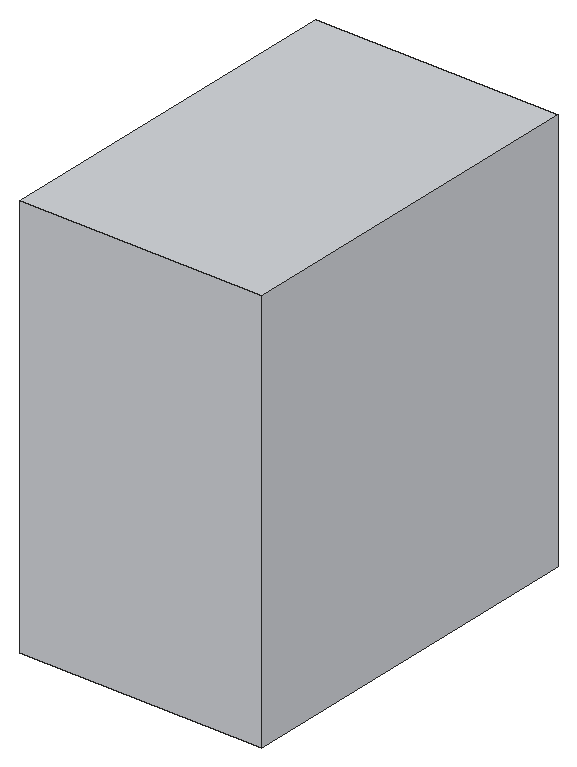
Revit family
Parameters
  Warranty Duration (Years) = 0
  Unit Width [instance] = 1' - 1"
  Unit Height [instance] = 4' - 7"
  Unit Depth = 0' - 0 15/16"
  URL = "http://www.americanspecialties.com/viewCategories.cfm"
  Trim Material = Metal - Stainless Steel
  Test Data = ""
  Specification = "http://www.arcat.com/sdspecs/htm/10810asi.htm"
  SpecWizard = ""
  Send Message = "http://www.arcat.com/users.pl?action=UserEmail&company=American%20Specialties,%20Inc.&coid=30448&rep=139&fax=914-476-0688&mf="
  Sales Information = "http://www.americanspecialties.com/contact"
  Revision = "R1_10-2010"
  Product Properties = "http://www.americanspecialties.com/datasheets/94676.pdf"
  Product Data = "http://www.arcat.com/arcatcos/cos30/arc30448.html"
  Model = "As Specified in 10 28 13"
  Manufacturer Website = "http://www.americanspecialties.com/viewCategories.cfm"
  Manufacturer Phone - Toll Free = ""
  Manufacturer Phone = "914-476-9000 "
  Manufacturer Fax = "914-476-0688"
  Manufacturer Address = "441 Saw Mill River Rd., Yonkers, NY 10701"
  Manufacturer = "American Specialties, Inc."
  Maintenance Schedule (Months) = 0
  Keynote = "10 28 13"
  Installation-Fabrication = "http://www.americanspecialties.com/products.cfm"
  Green Building-LEED = ""
  Expected Lifespan (Years) = 0
  Drawn By = "Robert S. Weygant. CSI, CDT, SCIP"  # constant formula
  Description = "Toilet Accessory as Specified in 10 28 13"
  Default Elevation = 4' - 0"
  Copyright = "©Arcat Inc."
  Construction Details = "http://www.arcat.com/green/clients/leed_data_30448.html"
  Building Codes = "http://www.americanspecialties.com/products.cfm"
  Body Material = Metal - Stainless Steel
  Assembly Code = "C1030210"
Reference planes (in)
  plane 1 "Center (Front/Back)": y = -0.29112
  plane 2 "Floor Line": z = 0
  plane 3 "Center (Left/Right)": x = -0.65843
Forms (in)
  Extrusion 1, solid
    sketch origin (-3, -9, -6) x (0, 0, -1) y (1, 0, 0)
      loop
        line (-82, 26) -> (-82, -19.34712) -> (-6, -19.34712) -> (-6, 26) -> (-82, 26)
    from 28.29112 to -41.06337
  Extrusion 2, solid, material "Metal - Stainless Steel" <- "Body Material"
    sketch origin (0, 0, 0) x (1, 0, 0) y (0, 1, 0)
      loop
        line (-6.15843, 26.20888) -> (-6.15843, -26.79112) -> (4.84157, -26.79112) -> (4.84157, 26.20888) -> (-6.15843, 26.20888)
    from 0 to -4.25
  Extrusion 3, solid, material "Metal - Stainless Steel" <- "Body Material"
    sketch origin (-0.90625, -0.29112, 0) x (1, 0, 0) y (0, 0, 1)
      loop
        line (-6.25218, 0) -> (6.74782, 0) -> (6.74782, 0.1875)
        arc (6.74782, 0.1875) -> (6.52815, 0.71783) -> (5.99782, 0.9375) r 0.75
        line (5.99782, 0.9375) -> (-5.50218, 0.9375)
        arc (-5.50218, 0.9375) -> (-6.03251, 0.71783) -> (-6.25218, 0.1875) r 0.75
        line (-6.25218, 0.1875) -> (-6.25218, 0)
    from -27.5 to 27.5
  Extrusion 4, void
    sketch origin (-0.65843, 2.5, 0) x (0, 1, 0) y (0, 0, 1)
      loop
        line (0.57356, -4.13447) -> (2.70888, 0) -> (2.70888, 0.9375) -> (-8.29112, 0.9375) -> (-8.29112, -0.03125) -> (-2.79112, -4.13447) -> (0.57356, -4.13447)
    from -5.46875 to 5.46875
  Extrusion 5, void
    sketch origin (-34, -2.80957, 3.13751) x (1, 0, 0) y (0, 0.458881, 0.888498)
      loop
        arc (36.97904, -1.93126) -> (37.16013, -1.67833) -> (36.96657, -1.43482) r 0.2582
        line (36.96657, -1.43482) -> (36.21657, -1.43482)
        arc (36.21657, -1.43482) -> (33.34157, -0.76381) -> (30.46657, -1.43482) r 6.49463
        line (30.46657, -1.43482) -> (29.71657, -1.43482)
        arc (29.71657, -1.43482) -> (29.523, -1.67833) -> (29.70409, -1.93126) r 0.2582
        line (29.70409, -1.93126) -> (30.47904, -1.93126)
        arc (30.47904, -1.93126) -> (33.34157, -2.19871) -> (36.20409, -1.93126) r 15.45277
        line (36.20409, -1.93126) -> (36.97904, -1.93126)
    from -8.81412 to -8.56412
  Extrusion 6, solid, material "Metal - Stainless Steel" <- "Trim Material"
    sketch origin (0, 0, 0) x (1, 0, 0) y (0, 1, 0)
      loop
        circle (-5.15843, -18.79112) r 0.5
      loop
        line (-5.21525, -18.37247) -> (-5.21525, -19.22198) -> (-5.10162, -19.22198) -> (-5.10162, -18.37247) -> (-5.21525, -18.37247)
      loop
        circle (-5.15843, 18.20888) r 0.5
      loop
        line (-5.21525, 17.79024) -> (-5.10162, 17.79024) -> (-5.10162, 18.63975) -> (-5.21525, 18.63975) -> (-5.21525, 17.79024)
    from 0.9375 to 1
  Extrusion 7, void
    sketch origin (0, 0, 0) x (1, 0, 0) y (0, 1, 0)
      loop
        line (-6.15843, 26.20888) -> (-6.15843, -26.79112) -> (4.84157, -26.79112) -> (4.84157, 26.20888) -> (-6.15843, 26.20888)
    from 0 to -4.3698
Cuts and joins
  Extrusion 4, Extrusion 5 cuts Extrusion 2
  Extrusion 4 cuts Extrusion 3
Dimensions and locks (in)
  Extrusion 3 sketch curve to Extrusion 3 sketch curve = 1' - 1"
  Extrusion 3 sketch curve to Extrusion 3 sketch curve = 0' - 0 15/16"
  radius of Extrusion 3 sketch curve = 0' - 0 3/4"  (x2)
  aligned and locked: Extrusion 1 to level
  aligned and locked: cut or joined group of Extrusion 2, Extrusion 4, Extrusion 5 to cut or joined group of Extrusion 3, Extrusion 4
